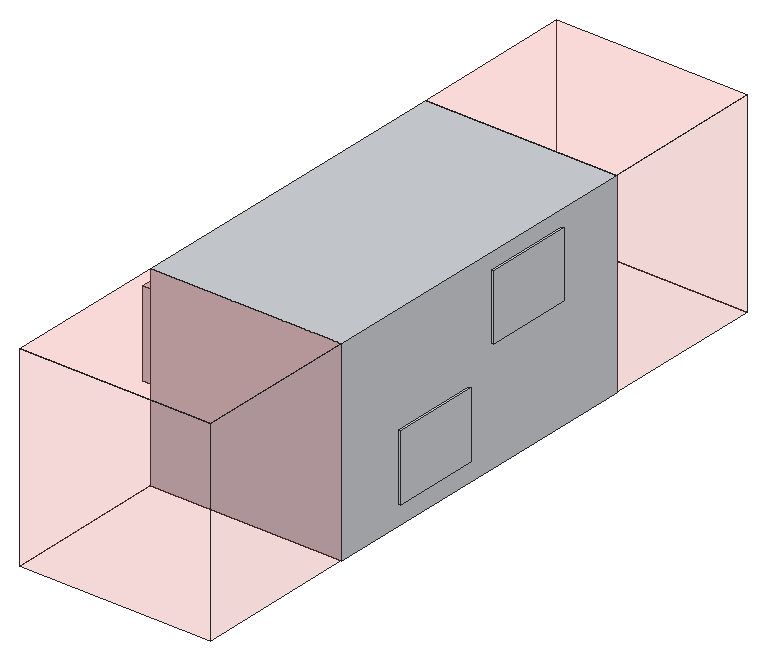
Revit family
Parameters (values of type "575 V Three Phase")
  Weight Scheduled [instance] = 2110  # constant formula
  Voltage Workaround = Voltage / 1 V  # 575
  Voltage Scheduled = Voltage  # 575 V
  Voltage = 575 V
  VoltAmps Workaround [instance] = Voltage Workaround * Total FLA * sqrt(Phase)  # 0
  VoltAmps [instance] = VoltAmps Workaround * 1 VA  # 0 VA
  VFD [instance] = yes
  URL = "http://www.renewaire.com/products/commercial-products/indoor-models/le6xinh"
  Total FLA [instance] = if(or(Supply Motor BHP = 0, Exhaust Motor BHP = 0), 0, (Supply Motor FLA * Supply Motor Count) + (Exhaust Motor FLA * Exhaust Motor Count))  # 0
  Supply Motor RPM Scheduled [instance] = Supply Motor RPM  # 0
  Supply Motor RPM [instance] = if(and(or(Supply ESP = 0, Supply ESP > 0), Supply ESP < 0.25), if(Supply Motor HP = 3, if(Supply CFM > 5050 CFM, 0, if(Supply CFM > 4740 CFM, 837, if(Supply CFM > 4470 CFM, 796, if(Supply CFM > 4230 CFM, 755, if(Supply CFM > 4040 CFM, 714, if(Supply CFM > 3890 CFM, 673, 632)))))), if(Supply Motor HP = 5, if(Supply CFM > 5900 CFM, 0, if(Supply CFM > 5540 CFM, 940, if(Supply CFM > 5210 CFM, 898, if(Supply CFM > 4880 CFM, 857, if(Supply CFM > 4590 CFM, 815, 773))))), if(Supply Motor HP = 7.5, if(Supply CFM > 6600 CFM, 0, if(Supply CFM > 6420 CFM, 1041, 1000)), 0))), if(and(or(Supply ESP = 0.25, Supply ESP > 0.25), Supply ESP < 0.5), if(Supply Motor HP = 3, if(Supply CFM > 4740 CFM, 0, if(Supply CFM > 4420 CFM, 837, if(Supply CFM > 4130 CFM, 796, if(Supply CFM > 3890 CFM, 755, if(Supply CFM > 3700 CFM, 714, if(Supply CFM > 3560 CFM, 673, 632)))))), if(Supply Motor HP = 5, if(Supply CFM > 6020 CFM, 0, if(Supply CFM > 5640 CFM, 982, if(Supply CFM > 5270 CFM, 940, if(Supply CFM > 4910 CFM, 898, if(Supply CFM > 4570 CFM, 857, if(Supply CFM > 4250 CFM, 815, 773)))))), if(Supply Motor HP = 7.5, if(Supply CFM > 6560 CFM, 0, if(Supply CFM > 6180 CFM, 1041, 1000)), 0))), if(and(or(Supply ESP = 0.5, Supply ESP > 0.5), Supply ESP < 0.75), if(Supply Motor HP = 3, if(Supply CFM > 4340 CFM, 0, if(Supply CFM > 3970 CFM, 837, if(Supply CFM > 3650 CFM, 796, if(Supply CFM > 3370 CFM, 755, if(Supply CFM > 3160 CFM, 714, if(Supply CFM > 3000 CFM, 673, 632)))))), if(Supply Motor HP = 5, if(Supply CFM > 5730 CFM, 0, if(Supply CFM > 5330 CFM, 982, if(Supply CFM > 4920 CFM, 940, if(Supply CFM > 4530 CFM, 898, if(Supply CFM > 4140 CFM, 857, if(Supply CFM > 3780 CFM, 815, 773)))))), if(Supply Motor HP = 7.5, if(Supply CFM > 6600 CFM, 0, if(Supply CFM > 6280 CFM, 1082, if(Supply CFM > 5890 CFM, 1041, 1000))), 0))), if(and(or(Supply ESP = 0.75, Supply ESP > 0.75), Supply ESP < 1), if(Supply Motor HP = 3, if(Supply CFM > 3700 CFM, 0, if(Supply CFM > 3150 CFM, 837, if(Supply CFM > 2490 CFM, 796, 755))), if(Supply Motor HP = 5, if(Supply CFM > 5370 CFM, 0, if(Supply CFM > 4930 CFM, 982, if(Supply CFM > 4450 CFM, 940, if(Supply CFM > 3950 CFM, 898, if(Supply CFM > 3410 CFM, 857, if(Supply CFM > 2810 CFM, 815, 773)))))), if(Supply Motor HP = 7.5, if(Supply CFM > 6600 CFM, 0, if(Supply CFM > 6350 CFM, 1122, if(Supply CFM > 5950 CFM, 1082, if(Supply CFM > 5550 CFM, 1041, 1000)))), 0))), if(and(or(Supply ESP = 1, Supply ESP > 1), Supply ESP < 1.25), if(Supply Motor HP = 3, if(Supply CFM > 2160 CFM, 837, 0), if(Supply Motor HP = 5, if(Supply CFM > 4900 CFM, 0, if(Supply CFM > 4340 CFM, 982, if(Supply CFM > 3600 CFM, 940, if(Supply CFM > 2610 CFM, 898, if(Supply CFM > 1780 CFM, 857, 815))))), if(Supply Motor HP = 7.5, if(Supply CFM > 6600 CFM, 0, if(Supply CFM > 6350 CFM, 1163, if(Supply CFM > 5970 CFM, 1122, if(Supply CFM > 5560 CFM, 1082, if(Supply CFM > 5120 CFM, 1041, 1000))))), 0))), if(and(or(Supply ESP = 1.25, Supply ESP > 1.25), Supply ESP < 1.5), if(Supply Motor HP = 5, if(Supply CFM > 4160 CFM, 0, if(Supply CFM > 3000 CFM, 982, if(Supply CFM > 1910 CFM, 940, 898))), if(Supply Motor HP = 7.5, if(Supply CFM > 6600 CFM, 0, if(Supply CFM > 6280 CFM, 1204, if(Supply CFM > 5900 CFM, 1163, if(Supply CFM > 5510 CFM, 1122, if(Supply CFM > 5050 CFM, 1082, if(Supply CFM > 4480 CFM, 1041, 1000)))))), 0)), if(and(or(Supply ESP = 1.5, Supply ESP > 1.5), Supply ESP < 1.75), if(Supply Motor HP = 5, if(Supply CFM > 2380 CFM, 0, if(Supply CFM > 1550 CFM, 982, 940)), if(Supply Motor HP = 7.5, if(Supply CFM > 6050 CFM, 0, if(Supply CFM > 5750 CFM, 1204, if(Supply CFM > 5380 CFM, 1163, if(Supply CFM > 4930 CFM, 1122, if(Supply CFM > 4290 CFM, 1082, if(Supply CFM > 3100 CFM, 1041, 1000)))))), 0)), if(and(or(Supply ESP = 1.75, Supply ESP > 1.75), Supply ESP < 2), if(Supply Motor HP = 7.5, if(Supply CFM > 5510 CFM, 0, if(Supply CFM > 5190 CFM, 1204, if(Supply CFM > 4750 CFM, 1163, if(Supply CFM > 4090 CFM, 1122, if(Supply CFM > 2620 CFM, 1082, if(Supply CFM > 1840 CFM, 1041, 1000)))))), 0), if(Supply ESP = 2, if(Supply Motor HP = 7.5, if(Supply CFM > 4970 CFM, 0, if(Supply CFM > 4570 CFM, 1204, if(Supply CFM > 3890 CFM, 1163, if(Supply CFM > 2220 CFM, 1122, if(Supply CFM > 1020 CFM, 1082, 1000))))), 0), 0)))))))))  # 0
  Supply Motor HP Scheduled [instance] = Supply Motor HP  # 0
  Supply Motor HP [instance] = 0
  Supply Motor FLA [instance] = if(VFD, if(Supply Motor BHP = 0, 0, if(Supply Motor HP = 3, if(and(or(Voltage = 208 V, Voltage = 230 V), Phase = 1), 9.38, if(and(or(Voltage = 208 V, Voltage = 230 V), Phase = 3), 9.38, if(and(Voltage = 460 V, Phase = 3), 4.24, if(and(Voltage = 575 V, Phase = 3), 3.3, 0)))), if(Supply Motor HP = 5, if(and(or(Voltage = 208 V, Voltage = 230 V), Phase = 3), 14.5, if(and(Voltage = 460 V, Phase = 3), 6.7, if(and(Voltage = 575 V, Phase = 3), 5.3, 0))), if(Supply Motor HP = 7.5, if(and(or(Voltage = 208 V, Voltage = 230 V), Phase = 3), 21, if(and(Voltage = 460 V, Phase = 3), 9.4, if(and(Voltage = 575 V, Phase = 3), 7.6, 0))), 0)))), if(Supply Motor BHP = 0, 0, if(Supply Motor HP = 3, if(and(or(Voltage = 208 V, Voltage = 230 V), Phase = 1), 14.7, if(and(or(Voltage = 208 V, Voltage = 230 V), Phase = 3), 9.38, if(and(Voltage = 460 V, Phase = 3), 4.24, if(and(Voltage = 575 V, Phase = 3), 3.3, 0)))), if(Supply Motor HP = 5, if(and(or(Voltage = 208 V, Voltage = 230 V), Phase = 3), 14.5, if(and(Voltage = 460 V, Phase = 3), 6.7, if(and(Voltage = 575 V, Phase = 3), 5.3, 0))), if(Supply Motor HP = 7.5, if(and(or(Voltage = 208 V, Voltage = 230 V), Phase = 3), 21, if(and(Voltage = 460 V, Phase = 3), 9.4, if(and(Voltage = 575 V, Phase = 3), 7.6, 0))), 0)))))  # 0
  Supply Motor Count Scheduled [instance] = Supply Motor Count  # 1
  Supply Motor Count [instance] = 1  # constant formula
  Supply Motor BHP [instance] = if(and(or(Supply ESP = 0, Supply ESP > 0), Supply ESP < 0.25), if(Supply Motor HP = 3, if(Supply CFM > 5050 CFM, 0, if(Supply CFM > 4740 CFM, 2.9, if(Supply CFM > 4470 CFM, 2.5, if(Supply CFM > 4230 CFM, 2.1, if(Supply CFM > 4040 CFM, 1.8, if(Supply CFM > 3890 CFM, 1.5, 1.4)))))), if(Supply Motor HP = 5, if(Supply CFM > 5900 CFM, 0, if(Supply CFM > 5540 CFM, 4.3, if(Supply CFM > 5210 CFM, 3.7, if(Supply CFM > 4880 CFM, 3.1, if(Supply CFM > 4590 CFM, 2.6, 2.2))))), if(Supply Motor HP = 7.5, if(Supply CFM > 6600 CFM, 0, if(Supply CFM > 6420 CFM, 5.9, 5.4)), 0))), if(and(or(Supply ESP = 0.25, Supply ESP > 0.25), Supply ESP < 0.5), if(Supply Motor HP = 3, if(Supply CFM > 4740 CFM, 0, if(Supply CFM > 4420 CFM, 2.6, if(Supply CFM > 4130 CFM, 2.2, if(Supply CFM > 3890 CFM, 1.9, if(Supply CFM > 3700 CFM, 1.6, if(Supply CFM > 3560 CFM, 1.4, 1.3)))))), if(Supply Motor HP = 5, if(Supply CFM > 6020 CFM, 0, if(Supply CFM > 5640 CFM, 4.7, if(Supply CFM > 5270 CFM, 4, if(Supply CFM > 4910 CFM, 3.4, if(Supply CFM > 4570 CFM, 2.9, if(Supply CFM > 4250 CFM, 2.4, 2)))))), if(Supply Motor HP = 7.5, if(Supply CFM > 6560 CFM, 0, if(Supply CFM > 6180 CFM, 5.8, 5)), 0))), if(and(or(Supply ESP = 0.5, Supply ESP > 0.5), Supply ESP < 0.75), if(Supply Motor HP = 3, if(Supply CFM > 4340 CFM, 0, if(Supply CFM > 3970 CFM, 2.3, if(Supply CFM > 3650 CFM, 1.9, if(Supply CFM > 3370 CFM, 1.6, if(Supply CFM > 3160 CFM, 1.4, if(Supply CFM > 3000 CFM, 1.2, 1.1)))))), if(Supply Motor HP = 5, if(Supply CFM > 5730 CFM, 0, if(Supply CFM > 5330 CFM, 4.4, if(Supply CFM > 4920 CFM, 3.7, if(Supply CFM > 4530 CFM, 3.1, if(Supply CFM > 4140 CFM, 2.6, if(Supply CFM > 3780 CFM, 2.1, 1.8)))))), if(Supply Motor HP = 7.5, if(Supply CFM > 6600 CFM, 0, if(Supply CFM > 6280 CFM, 6.2, if(Supply CFM > 5890 CFM, 5.4, 4.7))), 0))), if(and(or(Supply ESP = 0.75, Supply ESP > 0.75), Supply ESP < 1), if(Supply Motor HP = 3, if(Supply CFM > 3700 CFM, 0, if(Supply CFM > 3150 CFM, 1.9, if(Supply CFM > 2490 CFM, 1.5, 1.1))), if(Supply Motor HP = 5, if(Supply CFM > 5370 CFM, 0, if(Supply CFM > 4930 CFM, 3.9, if(Supply CFM > 4450 CFM, 3.3, if(Supply CFM > 3950 CFM, 2.7, if(Supply CFM > 3410 CFM, 2.1, if(Supply CFM > 2810 CFM, 1.7, 1.3)))))), if(Supply Motor HP = 7.5, if(Supply CFM > 6600 CFM, 0, if(Supply CFM > 6350 CFM, 6.6, if(Supply CFM > 5950 CFM, 5.7, if(Supply CFM > 5550 CFM, 5, 4.2)))), 0))), if(and(or(Supply ESP = 1, Supply ESP > 1), Supply ESP < 1.25), if(Supply Motor HP = 3, if(Supply CFM > 2160 CFM, 1.2, 0), if(Supply Motor HP = 5, if(Supply CFM > 4900 CFM, 0, if(Supply CFM > 4340 CFM, 3.4, if(Supply CFM > 3600 CFM, 2.7, if(Supply CFM > 2610 CFM, 2, if(Supply CFM > 1780 CFM, 1.4, 1))))), if(Supply Motor HP = 7.5, if(Supply CFM > 6600 CFM, 0, if(Supply CFM > 6350 CFM, 6.8, if(Supply CFM > 5970 CFM, 5.9, if(Supply CFM > 5560 CFM, 5.2, if(Supply CFM > 5120 CFM, 4.5, 3.8))))), 0))), if(and(or(Supply ESP = 1.25, Supply ESP > 1.25), Supply ESP < 1.5), if(Supply Motor HP = 5, if(Supply CFM > 4160 CFM, 0, if(Supply CFM > 3000 CFM, 2.8, if(Supply CFM > 1910 CFM, 1.8, 1.2))), if(Supply Motor HP = 7.5, if(Supply CFM > 6600 CFM, 0, if(Supply CFM > 6280 CFM, 6.8, if(Supply CFM > 5900 CFM, 6, if(Supply CFM > 5510 CFM, 5.3, if(Supply CFM > 5050 CFM, 4.6, if(Supply CFM > 4480 CFM, 3.9, 3.1)))))), 0)), if(and(or(Supply ESP = 1.5, Supply ESP > 1.5), Supply ESP < 1.75), if(Supply Motor HP = 5, if(Supply CFM > 2380 CFM, 0, if(Supply CFM > 1550 CFM, 1.6, 1.2)), if(Supply Motor HP = 7.5, if(Supply CFM > 6050 CFM, 0, if(Supply CFM > 5750 CFM, 5.9, if(Supply CFM > 5380 CFM, 5.3, if(Supply CFM > 4930 CFM, 4.6, if(Supply CFM > 4290 CFM, 3.9, if(Supply CFM > 3100 CFM, 3.1, 2.1)))))), 0)), if(and(or(Supply ESP = 1.75, Supply ESP > 1.75), Supply ESP < 2), if(Supply Motor HP = 7.5, if(Supply CFM > 5510 CFM, 0, if(Supply CFM > 5190 CFM, 5.1, if(Supply CFM > 4750 CFM, 4.5, if(Supply CFM > 4090 CFM, 3.9, if(Supply CFM > 2620 CFM, 3.1, if(Supply CFM > 1840 CFM, 1.9, 1.5)))))), 0), if(Supply ESP = 2, if(Supply Motor HP = 7.5, if(Supply CFM > 4970 CFM, 0, if(Supply CFM > 4570 CFM, 4.5, if(Supply CFM > 3890 CFM, 3.9, if(Supply CFM > 2220 CFM, 3.1, if(Supply CFM > 1020 CFM, 1.9, 1.5))))), 0), 0)))))))))  # 0
  Supply ESP Scheduled [instance] = Supply ESP  # 0
  Supply ESP [instance] = 0
  Supply CFM Scheduled [instance] = Supply CFM  # 0 CFM
  Supply CFM [instance] = 0 CFM
  Supply Air Winter RH Scheduled [instance] = 0
  Supply Air Winter DB Scheduled [instance] = 0
  Supply Air Summer RH Scheduled [instance] = 0
  Supply Air Summer DB Scheduled [instance] = 0
  Phase Scheduled = Phase  # 3
  Phase = 3
  Outside Air Winter RH Scheduled [instance] = 0
  Outside Air Winter DB Scheduled [instance] = 0
  Outside Air Summer RH Scheduled [instance] = 0
  Outside Air Summer DB Scheduled [instance] = 0
  Number of Poles = 3
  Model = "LE6XINH"
  Manufacturer = "RenewAire"
  MOCP Scheduled [instance] = MOCP  # 0
  MOCP [instance] = if(Total FLA = 0, 0, if(VFD, if(and(or(Voltage = 208 V, Voltage = 230 V), Phase = 1), if(and(Supply Motor HP = 3, Exhaust Motor HP = 3), 45, 0), if(and(or(Voltage = 208 V, Voltage = 230 V), Phase = 3), if(and(Supply Motor HP = 3, Exhaust Motor HP = 3), 25, if(and(Supply Motor HP = 3, Exhaust Motor HP = 5), 40, if(and(Supply Motor HP = 3, Exhaust Motor HP = 7.5), 50, if(and(Supply Motor HP = 5, Exhaust Motor HP = 3), 40, if(and(Supply Motor HP = 5, Exhaust Motor HP = 5), 45, if(and(Supply Motor HP = 5, Exhaust Motor HP = 7.5), 60, if(and(Supply Motor HP = 7.5, Exhaust Motor HP = 3), 50, if(and(Supply Motor HP = 7.5, Exhaust Motor HP = 5), 60, if(and(Supply Motor HP = 7.5, Exhaust Motor HP = 7.5), 60, 0))))))))), if(and(Voltage = 460 V, Phase = 3), if(and(Supply Motor HP = 3, Exhaust Motor HP = 3), 15, if(and(Supply Motor HP = 3, Exhaust Motor HP = 5), 15, if(and(Supply Motor HP = 3, Exhaust Motor HP = 7.5), 20, if(and(Supply Motor HP = 5, Exhaust Motor HP = 3), 15, if(and(Supply Motor HP = 5, Exhaust Motor HP = 5), 20, if(and(Supply Motor HP = 5, Exhaust Motor HP = 7.5), 25, if(and(Supply Motor HP = 7.5, Exhaust Motor HP = 3), 20, if(and(Supply Motor HP = 7.5, Exhaust Motor HP = 5), 25, if(and(Supply Motor HP = 7.5, Exhaust Motor HP = 7.5), 30, 0))))))))), if(and(Voltage = 575 V, Phase = 3), if(and(Supply Motor HP = 3, Exhaust Motor HP = 3), 15, if(and(Supply Motor HP = 3, Exhaust Motor HP = 5), 15, if(and(Supply Motor HP = 3, Exhaust Motor HP = 7.5), 20, if(and(Supply Motor HP = 5, Exhaust Motor HP = 3), 15, if(and(Supply Motor HP = 5, Exhaust Motor HP = 5), 15, if(and(Supply Motor HP = 5, Exhaust Motor HP = 7.5), 20, if(and(Supply Motor HP = 7.5, Exhaust Motor HP = 3), 20, if(and(Supply Motor HP = 7.5, Exhaust Motor HP = 5), 20, if(and(Supply Motor HP = 7.5, Exhaust Motor HP = 7.5), 20, 0))))))))), 0)))), if(and(or(Voltage = 208 V, Voltage = 230 V), Phase = 1), if(and(Supply Motor HP = 3, Exhaust Motor HP = 3), 40, 0), if(and(or(Voltage = 208 V, Voltage = 230 V), Phase = 3), if(and(Supply Motor HP = 3, Exhaust Motor HP = 3), 25, if(and(Supply Motor HP = 3, Exhaust Motor HP = 5), 40, if(and(Supply Motor HP = 3, Exhaust Motor HP = 7.5), 50, if(and(Supply Motor HP = 5, Exhaust Motor HP = 3), 40, if(and(Supply Motor HP = 5, Exhaust Motor HP = 5), 45, if(and(Supply Motor HP = 5, Exhaust Motor HP = 7.5), 60, if(and(Supply Motor HP = 7.5, Exhaust Motor HP = 3), 50, if(and(Supply Motor HP = 7.5, Exhaust Motor HP = 5), 60, if(and(Supply Motor HP = 7.5, Exhaust Motor HP = 7.5), 60, 0))))))))), if(and(Voltage = 460 V, Phase = 3), if(and(Supply Motor HP = 3, Exhaust Motor HP = 3), 15, if(and(Supply Motor HP = 3, Exhaust Motor HP = 5), 15, if(and(Supply Motor HP = 3, Exhaust Motor HP = 7.5), 20, if(and(Supply Motor HP = 5, Exhaust Motor HP = 3), 15, if(and(Supply Motor HP = 5, Exhaust Motor HP = 5), 20, if(and(Supply Motor HP = 5, Exhaust Motor HP = 7.5), 25, if(and(Supply Motor HP = 7.5, Exhaust Motor HP = 3), 20, if(and(Supply Motor HP = 7.5, Exhaust Motor HP = 5), 25, if(and(Supply Motor HP = 7.5, Exhaust Motor HP = 7.5), 30, 0))))))))), if(and(Voltage = 575 V, Phase = 3), if(and(Supply Motor HP = 3, Exhaust Motor HP = 3), 15, if(and(Supply Motor HP = 3, Exhaust Motor HP = 5), 15, if(and(Supply Motor HP = 3, Exhaust Motor HP = 7.5), 20, if(and(Supply Motor HP = 5, Exhaust Motor HP = 3), 15, if(and(Supply Motor HP = 5, Exhaust Motor HP = 5), 15, if(and(Supply Motor HP = 5, Exhaust Motor HP = 7.5), 20, if(and(Supply Motor HP = 7.5, Exhaust Motor HP = 3), 20, if(and(Supply Motor HP = 7.5, Exhaust Motor HP = 5), 20, if(and(Supply Motor HP = 7.5, Exhaust Motor HP = 7.5), 20, 0))))))))), 0))))))  # 0
  MCA Scheduled [instance] = MCA  # 0
  MCA [instance] = if(Total FLA = 0, 0, if(VFD, if(and(or(Voltage = 208 V, Voltage = 230 V), Phase = 1), if(and(Supply Motor HP = 3, Exhaust Motor HP = 3), 40.2, 0), if(and(or(Voltage = 208 V, Voltage = 230 V), Phase = 3), if(and(Supply Motor HP = 3, Exhaust Motor HP = 3), 23.2, if(and(Supply Motor HP = 3, Exhaust Motor HP = 5), 30.3, if(and(Supply Motor HP = 3, Exhaust Motor HP = 7.5), 36.2, if(and(Supply Motor HP = 5, Exhaust Motor HP = 3), 30.3, if(and(Supply Motor HP = 5, Exhaust Motor HP = 5), 35.9, if(and(Supply Motor HP = 5, Exhaust Motor HP = 7.5), 44.8, if(and(Supply Motor HP = 7.5, Exhaust Motor HP = 3), 39.2, if(and(Supply Motor HP = 7.5, Exhaust Motor HP = 5), 44.8, if(and(Supply Motor HP = 7.5, Exhaust Motor HP = 7.5), 52, 0))))))))), if(and(Voltage = 460 V, Phase = 3), if(and(Supply Motor HP = 3, Exhaust Motor HP = 3), 10.5, if(and(Supply Motor HP = 3, Exhaust Motor HP = 5), 13.9, if(and(Supply Motor HP = 3, Exhaust Motor HP = 7.5), 17.6, if(and(Supply Motor HP = 5, Exhaust Motor HP = 3), 13.9, if(and(Supply Motor HP = 5, Exhaust Motor HP = 5), 16.6, if(and(Supply Motor HP = 5, Exhaust Motor HP = 7.5), 20.3, if(and(Supply Motor HP = 7.5, Exhaust Motor HP = 3), 17.6, if(and(Supply Motor HP = 7.5, Exhaust Motor HP = 5), 20.3, if(and(Supply Motor HP = 7.5, Exhaust Motor HP = 7.5), 23.3, 0))))))))), if(and(Voltage = 575 V, Phase = 3), if(and(Supply Motor HP = 3, Exhaust Motor HP = 3), 8.2, if(and(Supply Motor HP = 3, Exhaust Motor HP = 5), 10.9, if(and(Supply Motor HP = 3, Exhaust Motor HP = 7.5), 14.1, if(and(Supply Motor HP = 5, Exhaust Motor HP = 3), 10.9, if(and(Supply Motor HP = 5, Exhaust Motor HP = 5), 13.1, if(and(Supply Motor HP = 5, Exhaust Motor HP = 7.5), 16.3, if(and(Supply Motor HP = 7.5, Exhaust Motor HP = 3), 14.1, if(and(Supply Motor HP = 7.5, Exhaust Motor HP = 5), 16.3, if(and(Supply Motor HP = 7.5, Exhaust Motor HP = 7.5), 18.8, 0))))))))), 0)))), if(and(or(Voltage = 208 V, Voltage = 230 V), Phase = 1), if(and(Supply Motor HP = 3, Exhaust Motor HP = 3), 33.1, 0), if(and(or(Voltage = 208 V, Voltage = 230 V), Phase = 3), if(and(Supply Motor HP = 3, Exhaust Motor HP = 3), 21.1, if(and(Supply Motor HP = 3, Exhaust Motor HP = 5), 27.5, if(and(Supply Motor HP = 3, Exhaust Motor HP = 7.5), 35.6, if(and(Supply Motor HP = 5, Exhaust Motor HP = 3), 27.5, if(and(Supply Motor HP = 5, Exhaust Motor HP = 5), 32.6, if(and(Supply Motor HP = 5, Exhaust Motor HP = 7.5), 40.8, if(and(Supply Motor HP = 7.5, Exhaust Motor HP = 3), 35.6, if(and(Supply Motor HP = 7.5, Exhaust Motor HP = 5), 40.8, if(and(Supply Motor HP = 7.5, Exhaust Motor HP = 7.5), 47.3, 0))))))))), if(and(Voltage = 460 V, Phase = 3), if(and(Supply Motor HP = 3, Exhaust Motor HP = 3), 9.5, if(and(Supply Motor HP = 3, Exhaust Motor HP = 5), 12.6, if(and(Supply Motor HP = 3, Exhaust Motor HP = 7.5), 16, if(and(Supply Motor HP = 5, Exhaust Motor HP = 3), 12.6, if(and(Supply Motor HP = 5, Exhaust Motor HP = 5), 15.1, if(and(Supply Motor HP = 5, Exhaust Motor HP = 7.5), 18.5, if(and(Supply Motor HP = 7.5, Exhaust Motor HP = 3), 16, if(and(Supply Motor HP = 7.5, Exhaust Motor HP = 5), 18.5, if(and(Supply Motor HP = 7.5, Exhaust Motor HP = 7.5), 21.2, 0))))))))), if(and(Voltage = 575 V, Phase = 3), if(and(Supply Motor HP = 3, Exhaust Motor HP = 3), 7.4, if(and(Supply Motor HP = 3, Exhaust Motor HP = 5), 9.9, if(and(Supply Motor HP = 3, Exhaust Motor HP = 7.5), 12.8, if(and(Supply Motor HP = 5, Exhaust Motor HP = 3), 9.9, if(and(Supply Motor HP = 5, Exhaust Motor HP = 5), 11.9, if(and(Supply Motor HP = 5, Exhaust Motor HP = 7.5), 14.8, if(and(Supply Motor HP = 7.5, Exhaust Motor HP = 3), 12.8, if(and(Supply Motor HP = 7.5, Exhaust Motor HP = 5), 14.8, if(and(Supply Motor HP = 7.5, Exhaust Motor HP = 7.5), 17.1, 0))))))))), 0))))))  # 0
  FLA Scheduled [instance] = Total FLA  # 0
  Exhaust RH Scheduled [instance] = 0
  Exhaust Motor RPM Scheduled [instance] = Exhaust Motor RPM  # 0
  Exhaust Motor RPM [instance] = if(and(or(Exhaust ESP = 0, Exhaust ESP > 0), Exhaust ESP < 0.25), if(Exhaust Motor HP = 3, if(Exhaust CFM > 5050 CFM, 0, if(Exhaust CFM > 4740 CFM, 837, if(Exhaust CFM > 4470 CFM, 796, if(Exhaust CFM > 4230 CFM, 755, if(Exhaust CFM > 4040 CFM, 714, if(Exhaust CFM > 3890 CFM, 673, 632)))))), if(Exhaust Motor HP = 5, if(Exhaust CFM > 5900 CFM, 0, if(Exhaust CFM > 5540 CFM, 940, if(Exhaust CFM > 5210 CFM, 898, if(Exhaust CFM > 4880 CFM, 857, if(Exhaust CFM > 4590 CFM, 815, 773))))), if(Exhaust Motor HP = 7.5, if(Exhaust CFM > 6600 CFM, 0, if(Exhaust CFM > 6420 CFM, 1041, 1000)), 0))), if(and(or(Exhaust ESP = 0.25, Exhaust ESP > 0.25), Exhaust ESP < 0.5), if(Exhaust Motor HP = 3, if(Exhaust CFM > 4740 CFM, 0, if(Exhaust CFM > 4420 CFM, 837, if(Exhaust CFM > 4130 CFM, 796, if(Exhaust CFM > 3890 CFM, 755, if(Exhaust CFM > 3700 CFM, 714, if(Exhaust CFM > 3560 CFM, 673, 632)))))), if(Exhaust Motor HP = 5, if(Exhaust CFM > 6020 CFM, 0, if(Exhaust CFM > 5640 CFM, 982, if(Exhaust CFM > 5270 CFM, 940, if(Exhaust CFM > 4910 CFM, 898, if(Exhaust CFM > 4570 CFM, 857, if(Exhaust CFM > 4250 CFM, 815, 773)))))), if(Exhaust Motor HP = 7.5, if(Exhaust CFM > 6560 CFM, 0, if(Exhaust CFM > 6180 CFM, 1041, 1000)), 0))), if(and(or(Exhaust ESP = 0.5, Exhaust ESP > 0.5), Exhaust ESP < 0.75), if(Exhaust Motor HP = 3, if(Exhaust CFM > 4340 CFM, 0, if(Exhaust CFM > 3970 CFM, 837, if(Exhaust CFM > 3650 CFM, 796, if(Exhaust CFM > 3370 CFM, 755, if(Exhaust CFM > 3160 CFM, 714, if(Exhaust CFM > 3000 CFM, 673, 632)))))), if(Exhaust Motor HP = 5, if(Exhaust CFM > 5730 CFM, 0, if(Exhaust CFM > 5330 CFM, 982, if(Exhaust CFM > 4920 CFM, 940, if(Exhaust CFM > 4530 CFM, 898, if(Exhaust CFM > 4140 CFM, 857, if(Exhaust CFM > 3780 CFM, 815, 773)))))), if(Exhaust Motor HP = 7.5, if(Exhaust CFM > 6600 CFM, 0, if(Exhaust CFM > 6280 CFM, 1082, if(Exhaust CFM > 5890 CFM, 1041, 1000))), 0))), if(and(or(Exhaust ESP = 0.75, Exhaust ESP > 0.75), Exhaust ESP < 1), if(Exhaust Motor HP = 3, if(Exhaust CFM > 3700 CFM, 0, if(Exhaust CFM > 3150 CFM, 837, if(Exhaust CFM > 2490 CFM, 796, 755))), if(Exhaust Motor HP = 5, if(Exhaust CFM > 5370 CFM, 0, if(Exhaust CFM > 4930 CFM, 982, if(Exhaust CFM > 4450 CFM, 940, if(Exhaust CFM > 3950 CFM, 898, if(Exhaust CFM > 3410 CFM, 857, if(Exhaust CFM > 2810 CFM, 815, 773)))))), if(Exhaust Motor HP = 7.5, if(Exhaust CFM > 6600 CFM, 0, if(Exhaust CFM > 6350 CFM, 1122, if(Exhaust CFM > 5950 CFM, 1082, if(Exhaust CFM > 5550 CFM, 1041, 1000)))), 0))), if(and(or(Exhaust ESP = 1, Exhaust ESP > 1), Exhaust ESP < 1.25), if(Exhaust Motor HP = 3, if(Exhaust CFM > 2160 CFM, 837, 0), if(Exhaust Motor HP = 5, if(Exhaust CFM > 4900 CFM, 0, if(Exhaust CFM > 4340 CFM, 982, if(Exhaust CFM > 3600 CFM, 940, if(Exhaust CFM > 2610 CFM, 898, if(Exhaust CFM > 1780 CFM, 857, 815))))), if(Exhaust Motor HP = 7.5, if(Exhaust CFM > 6600 CFM, 0, if(Exhaust CFM > 6350 CFM, 1163, if(Exhaust CFM > 5970 CFM, 1122, if(Exhaust CFM > 5560 CFM, 1082, if(Exhaust CFM > 5120 CFM, 1041, 1000))))), 0))), if(and(or(Exhaust ESP = 1.25, Exhaust ESP > 1.25), Exhaust ESP < 1.5), if(Exhaust Motor HP = 5, if(Exhaust CFM > 4160 CFM, 0, if(Exhaust CFM > 3000 CFM, 982, if(Exhaust CFM > 1910 CFM, 940, 898))), if(Exhaust Motor HP = 7.5, if(Exhaust CFM > 6600 CFM, 0, if(Exhaust CFM > 6280 CFM, 1204, if(Exhaust CFM > 5900 CFM, 1163, if(Exhaust CFM > 5510 CFM, 1122, if(Exhaust CFM > 5050 CFM, 1082, if(Exhaust CFM > 4480 CFM, 1041, 1000)))))), 0)), if(and(or(Exhaust ESP = 1.5, Exhaust ESP > 1.5), Exhaust ESP < 1.75), if(Exhaust Motor HP = 5, if(Exhaust CFM > 2380 CFM, 0, if(Exhaust CFM > 1550 CFM, 982, 940)), if(Exhaust Motor HP = 7.5, if(Exhaust CFM > 6050 CFM, 0, if(Exhaust CFM > 5750 CFM, 1204, if(Exhaust CFM > 5380 CFM, 1163, if(Exhaust CFM > 4930 CFM, 1122, if(Exhaust CFM > 4290 CFM, 1082, if(Exhaust CFM > 3100 CFM, 1041, 1000)))))), 0)), if(and(or(Exhaust ESP = 1.75, Exhaust ESP > 1.75), Exhaust ESP < 2), if(Exhaust Motor HP = 7.5, if(Exhaust CFM > 5510 CFM, 0, if(Exhaust CFM > 5190 CFM, 1204, if(Exhaust CFM > 4750 CFM, 1163, if(Exhaust CFM > 4090 CFM, 1122, if(Exhaust CFM > 2620 CFM, 1082, if(Exhaust CFM > 1840 CFM, 1041, 1000)))))), 0), if(Exhaust ESP = 2, if(Exhaust Motor HP = 7.5, if(Exhaust CFM > 4970 CFM, 0, if(Exhaust CFM > 4570 CFM, 1204, if(Exhaust CFM > 3890 CFM, 1163, if(Exhaust CFM > 2220 CFM, 1122, if(Exhaust CFM > 1020 CFM, 1082, 1000))))), 0), 0)))))))))  # 0
  Exhaust Motor HP Scheduled [instance] = Exhaust Motor HP  # 0
  Exhaust Motor HP [instance] = 0
  Exhaust Motor FLA [instance] = if(VFD, if(Exhaust Motor BHP = 0, 0, if(Exhaust Motor HP = 3, if(and(or(Voltage = 208 V, Voltage = 230 V), Phase = 1), 9.38, if(and(or(Voltage = 208 V, Voltage = 230 V), Phase = 3), 9.38, if(and(Voltage = 460 V, Phase = 3), 4.24, if(and(Voltage = 575 V, Phase = 3), 3.3, 0)))), if(Exhaust Motor HP = 5, if(and(or(Voltage = 208 V, Voltage = 230 V), Phase = 3), 14.5, if(and(Voltage = 460 V, Phase = 3), 6.7, if(and(Voltage = 575 V, Phase = 3), 5.3, 0))), if(Exhaust Motor HP = 7.5, if(and(or(Voltage = 208 V, Voltage = 230 V), Phase = 3), 21, if(and(Voltage = 460 V, Phase = 3), 9.4, if(and(Voltage = 575 V, Phase = 3), 7.6, 0))), 0)))), if(Exhaust Motor BHP = 0, 0, if(Exhaust Motor HP = 3, if(and(or(Voltage = 208 V, Voltage = 230 V), Phase = 1), 14.7, if(and(or(Voltage = 208 V, Voltage = 230 V), Phase = 3), 9.38, if(and(Voltage = 460 V, Phase = 3), 4.24, if(and(Voltage = 575 V, Phase = 3), 3.3, 0)))), if(Exhaust Motor HP = 5, if(and(or(Voltage = 208 V, Voltage = 230 V), Phase = 3), 14.5, if(and(Voltage = 460 V, Phase = 3), 6.7, if(and(Voltage = 575 V, Phase = 3), 5.3, 0))), if(Exhaust Motor HP = 7.5, if(and(or(Voltage = 208 V, Voltage = 230 V), Phase = 3), 21, if(and(Voltage = 460 V, Phase = 3), 9.4, if(and(Voltage = 575 V, Phase = 3), 7.6, 0))), 0)))))  # 0
  Exhaust Motor Count Scheduled [instance] = Exhaust Motor Count  # 1
  Exhaust Motor Count [instance] = 1  # constant formula
  Exhaust Motor BHP [instance] = if(and(or(Exhaust ESP = 0, Exhaust ESP > 0), Exhaust ESP < 0.25), if(Exhaust Motor HP = 3, if(Exhaust CFM > 5050 CFM, 0, if(Exhaust CFM > 4740 CFM, 2.9, if(Exhaust CFM > 4470 CFM, 2.5, if(Exhaust CFM > 4230 CFM, 2.1, if(Exhaust CFM > 4040 CFM, 1.8, if(Exhaust CFM > 3890 CFM, 1.5, 1.4)))))), if(Exhaust Motor HP = 5, if(Exhaust CFM > 5900 CFM, 0, if(Exhaust CFM > 5540 CFM, 4.3, if(Exhaust CFM > 5210 CFM, 3.7, if(Exhaust CFM > 4880 CFM, 3.1, if(Exhaust CFM > 4590 CFM, 2.6, 2.2))))), if(Exhaust Motor HP = 7.5, if(Exhaust CFM > 6600 CFM, 0, if(Exhaust CFM > 6420 CFM, 5.9, 5.4)), 0))), if(and(or(Exhaust ESP = 0.25, Exhaust ESP > 0.25), Exhaust ESP < 0.5), if(Exhaust Motor HP = 3, if(Exhaust CFM > 4740 CFM, 0, if(Exhaust CFM > 4420 CFM, 2.6, if(Exhaust CFM > 4130 CFM, 2.2, if(Exhaust CFM > 3890 CFM, 1.9, if(Exhaust CFM > 3700 CFM, 1.6, if(Exhaust CFM > 3560 CFM, 1.4, 1.3)))))), if(Exhaust Motor HP = 5, if(Exhaust CFM > 6020 CFM, 0, if(Exhaust CFM > 5640 CFM, 4.7, if(Exhaust CFM > 5270 CFM, 4, if(Exhaust CFM > 4910 CFM, 3.4, if(Exhaust CFM > 4570 CFM, 2.9, if(Exhaust CFM > 4250 CFM, 2.4, 2)))))), if(Exhaust Motor HP = 7.5, if(Exhaust CFM > 6560 CFM, 0, if(Exhaust CFM > 6180 CFM, 5.8, 5)), 0))), if(and(or(Exhaust ESP = 0.5, Exhaust ESP > 0.5), Exhaust ESP < 0.75), if(Exhaust Motor HP = 3, if(Exhaust CFM > 4340 CFM, 0, if(Exhaust CFM > 3970 CFM, 2.3, if(Exhaust CFM > 3650 CFM, 1.9, if(Exhaust CFM > 3370 CFM, 1.6, if(Exhaust CFM > 3160 CFM, 1.4, if(Exhaust CFM > 3000 CFM, 1.2, 1.1)))))), if(Exhaust Motor HP = 5, if(Exhaust CFM > 5730 CFM, 0, if(Exhaust CFM > 5330 CFM, 4.4, if(Exhaust CFM > 4920 CFM, 3.7, if(Exhaust CFM > 4530 CFM, 3.1, if(Exhaust CFM > 4140 CFM, 2.6, if(Exhaust CFM > 3780 CFM, 2.1, 1.8)))))), if(Exhaust Motor HP = 7.5, if(Exhaust CFM > 6600 CFM, 0, if(Exhaust CFM > 6280 CFM, 6.2, if(Exhaust CFM > 5890 CFM, 5.4, 4.7))), 0))), if(and(or(Exhaust ESP = 0.75, Exhaust ESP > 0.75), Exhaust ESP < 1), if(Exhaust Motor HP = 3, if(Exhaust CFM > 3700 CFM, 0, if(Exhaust CFM > 3150 CFM, 1.9, if(Exhaust CFM > 2490 CFM, 1.5, 1.1))), if(Exhaust Motor HP = 5, if(Exhaust CFM > 5370 CFM, 0, if(Exhaust CFM > 4930 CFM, 3.9, if(Exhaust CFM > 4450 CFM, 3.3, if(Exhaust CFM > 3950 CFM, 2.7, if(Exhaust CFM > 3410 CFM, 2.1, if(Exhaust CFM > 2810 CFM, 1.7, 1.3)))))), if(Exhaust Motor HP = 7.5, if(Exhaust CFM > 6600 CFM, 0, if(Exhaust CFM > 6350 CFM, 6.6, if(Exhaust CFM > 5950 CFM, 5.7, if(Exhaust CFM > 5550 CFM, 5, 4.2)))), 0))), if(and(or(Exhaust ESP = 1, Exhaust ESP > 1), Exhaust ESP < 1.25), if(Exhaust Motor HP = 3, if(Exhaust CFM > 2160 CFM, 1.2, 0), if(Exhaust Motor HP = 5, if(Exhaust CFM > 4900 CFM, 0, if(Exhaust CFM > 4340 CFM, 3.4, if(Exhaust CFM > 3600 CFM, 2.7, if(Exhaust CFM > 2610 CFM, 2, if(Exhaust CFM > 1780 CFM, 1.4, 1))))), if(Exhaust Motor HP = 7.5, if(Exhaust CFM > 6600 CFM, 0, if(Exhaust CFM > 6350 CFM, 6.8, if(Exhaust CFM > 5970 CFM, 5.9, if(Exhaust CFM > 5560 CFM, 5.2, if(Exhaust CFM > 5120 CFM, 4.5, 3.8))))), 0))), if(and(or(Exhaust ESP = 1.25, Exhaust ESP > 1.25), Exhaust ESP < 1.5), if(Exhaust Motor HP = 5, if(Exhaust CFM > 4160 CFM, 0, if(Exhaust CFM > 3000 CFM, 2.8, if(Exhaust CFM > 1910 CFM, 1.8, 1.2))), if(Exhaust Motor HP = 7.5, if(Exhaust CFM > 6600 CFM, 0, if(Exhaust CFM > 6280 CFM, 6.8, if(Exhaust CFM > 5900 CFM, 6, if(Exhaust CFM > 5510 CFM, 5.3, if(Exhaust CFM > 5050 CFM, 4.6, if(Exhaust CFM > 4480 CFM, 3.9, 3.1)))))), 0)), if(and(or(Exhaust ESP = 1.5, Exhaust ESP > 1.5), Exhaust ESP < 1.75), if(Exhaust Motor HP = 5, if(Exhaust CFM > 2380 CFM, 0, if(Exhaust CFM > 1550 CFM, 1.6, 1.2)), if(Exhaust Motor HP = 7.5, if(Exhaust CFM > 6050 CFM, 0, if(Exhaust CFM > 5750 CFM, 5.9, if(Exhaust CFM > 5380 CFM, 5.3, if(Exhaust CFM > 4930 CFM, 4.6, if(Exhaust CFM > 4290 CFM, 3.9, if(Exhaust CFM > 3100 CFM, 3.1, 2.1)))))), 0)), if(and(or(Exhaust ESP = 1.75, Exhaust ESP > 1.75), Exhaust ESP < 2), if(Exhaust Motor HP = 7.5, if(Exhaust CFM > 5510 CFM, 0, if(Exhaust CFM > 5190 CFM, 5.1, if(Exhaust CFM > 4750 CFM, 4.5, if(Exhaust CFM > 4090 CFM, 3.9, if(Exhaust CFM > 2620 CFM, 3.1, if(Exhaust CFM > 1840 CFM, 1.9, 1.5)))))), 0), if(Exhaust ESP = 2, if(Exhaust Motor HP = 7.5, if(Exhaust CFM > 4970 CFM, 0, if(Exhaust CFM > 4570 CFM, 4.5, if(Exhaust CFM > 3890 CFM, 3.9, if(Exhaust CFM > 2220 CFM, 3.1, if(Exhaust CFM > 1020 CFM, 1.9, 1.5))))), 0), 0)))))))))  # 0
  Exhaust ESP Scheduled [instance] = Exhaust ESP  # 0
  Exhaust ESP [instance] = 0
  Exhaust DB Scheduled [instance] = 0
  Exhaust CFM Scheduled [instance] = Exhaust CFM  # 0 CFM
  Exhaust CFM [instance] = 0 CFM
  Enthalpy Effect Winter Scheduled [instance] = 0
  Enthalpy Effect Summer Scheduled [instance] = 0
Types (6): name | Voltage Workaround | Voltage Scheduled | Voltage | VFD | Phase Scheduled | Phase | Number of Poles
  (no name) | 575 | 575 V | 575 V | yes | 3 | 3 | 3
  208 V Three Phase | 208 | 208 V | 208 V | no | 3 | 3 | 3
  230 V Three Phase | 230 | 230 V | 230 V | yes | 3 | 3 | 3
  460 V Three Phase | 460 | 460 V | 460 V | yes | 3 | 3 | 3
  575 V Three Phase | 575 | 575 V | 575 V | yes | 3 | 3 | 3
  208 V Single Phase | 208 | 208 V | 208 V | no | 1 | 1 | 2
Reference planes (in)
  plane 1 "Center (Front/Back)": y = 0
  plane 2: z = 0
  plane 3 "Center (Left/Right)": x = 0
Forms (in)
  Extrusion 1, solid
    sketch origin (0, 0, 0) x (1, 0, 0) y (0, 1, 0)
      loop
        line (-34.875, 62.6875) -> (-34.875, -62.6875) -> (34.875, -62.6875) -> (34.875, 62.6875) -> (-34.875, 62.6875)
    from 0 to 71.125
  Extrusion 2, solid
    sketch origin (34.875, 21.16889, 0) x (0, -1, 0) y (0, 0, -1)
      loop
        line (58.48139, -31.75) -> (58.48139, -7.75) -> (26.48139, -7.75) -> (26.48139, -31.75) -> (58.48139, -31.75)
      loop
        line (15.85639, -65.5) -> (15.85639, -41.5) -> (-16.14361, -41.5) -> (-16.14361, -65.5) -> (15.85639, -65.5)
    from 0 to 1
  Extrusion 3, solid
    sketch origin (-34.875, 24.57472, 0) x (0, 1, 0) y (0, 0, -1)
      loop
        line (-29.63722, -28.375) -> (-29.63722, -6.375) -> (-53.63722, -6.375) -> (-53.63722, -28.375) -> (-29.63722, -28.375)
      loop
        line (11.36278, -60.75) -> (11.36278, -38.75) -> (-12.63722, -38.75) -> (-12.63722, -60.75) -> (11.36278, -60.75)
    from 0 to 3
  Extrusion 4, solid
    sketch origin (0, -6.3125, 0) x (1, 0, 0) y (0, 1, 0)
      loop
        line (-34.875, -56.375) -> (-34.875, -116.1875) -> (34.875, -116.1875) -> (34.875, -56.375) -> (-34.875, -56.375)
    from 0 to 71.125
  Extrusion 5, solid
    sketch origin (0, 178.875, 0) x (1, 0, 0) y (0, 1, 0)
      loop
        line (-34.875, -56.375) -> (-34.875, -116.1875) -> (34.875, -116.1875) -> (34.875, -56.375) -> (-34.875, -56.375)
    from 0 to 71.125
  Extrusion 6, solid
    sketch origin (0, 0, 0) x (0, 1, 0) y (0, 0, 1)
      loop
        line (-39.4375, 60.75) -> (-57.4375, 60.75) -> (-57.4375, 29.625) -> (-39.4375, 29.625) -> (-39.4375, 60.75)
    from -41.875 to -34.875
Cuts and joins
  joined: Extrusion 1, Extrusion 2, Extrusion 3, Extrusion 6
Dimensions and locks (in)
  equal spacing: Extrusion 1 sketch curve, plane 3 "Center (Left/Right)", Extrusion 1 sketch curve
  Extrusion 1 sketch curve to plane 3 "Center (Left/Right)" = 2' - 10 7/8"
  equal spacing: Extrusion 1 sketch curve, plane 1 "Center (Front/Back)", Extrusion 1 sketch curve
  Extrusion 1 sketch curve to plane 1 "Center (Front/Back)" = 5' - 2 11/16"
Connectors (in)
  hvac at (35.875, -21.3125, 19.75), driven by "Exhaust CFM"
    settings: on Extrusion 2, index 1, duct flow 0 CFM, flow factor 0, pres drop 0.00 in-wg, loss coef 0, conn angle 0.00°, conn width 32", conn height 24", conn radius 12", duct sys type 2, conn prof type 1, flow config 1, flow direction 2, loss method 0, conn ref index -1, conn util no, is conn primary yes, conn desc ""
  hvac at (-37.875, -17.0625, 17.375), driven by "Supply CFM"
    settings: on Extrusion 3, index 2, duct flow 0 CFM, flow factor 0, pres drop 0.00 in-wg, loss coef 0, conn angle 0.00°, conn width 24", conn height 22", conn radius 12", duct sys type 1, conn prof type 1, flow config 0, flow direction 2, loss method 0, conn ref index -1, conn util no, is conn primary no, conn desc ""
  hvac at (-37.875, 23.9375, 49.75)
    settings: on cut or joined group of Extrusion 1, Extrusion 2, Extrusion 3, Extrusion 6, index 7, duct flow 0 CFM, flow factor 0, pres drop 0.00 in-wg, loss coef 0, conn angle 0.00°, conn width 24", conn height 22", conn radius 12", duct sys type 3, conn prof type 1, flow config 0, flow direction 1, loss method 0, conn ref index -1, conn util no, is conn primary no, conn desc ""
  hvac at (35.875, 21.3125, 53.5)
    settings: on cut or joined group of Extrusion 1, Extrusion 2, Extrusion 3, Extrusion 6, index 8, duct flow 0 CFM, flow factor 0, pres drop 0.00 in-wg, loss coef 0, conn angle 0.00°, conn width 32", conn height 24", conn radius 12", duct sys type 1, conn prof type 1, flow config 0, flow direction 2, loss method 0, conn ref index -1, conn util no, is conn primary no, conn desc ""
  electrical at (-41.875, -48.4375, 45.1875), driven by "Number of Poles", driven by "Voltage", driven by "VoltAmps"
    settings: on cut or joined group of Extrusion 1, Extrusion 2, Extrusion 3, Extrusion 6, index 9, voltage 575 V, apparent load 0 VA, apparent load phase1 0 VA, apparent load phase2 0 VA, apparent load phase3 0 VA, power factor 1, load classification "HVAC", number of poles 3, system type 30, power factor state 1, is connector primary yes, connector utility no, sub classification motor no, connector description ""
